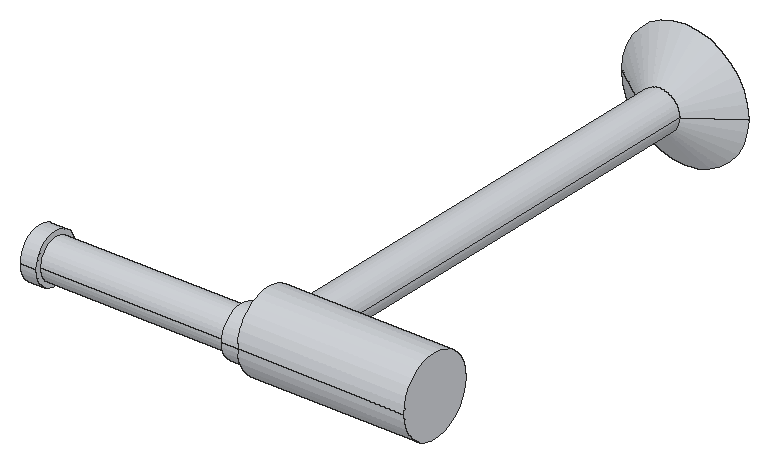
Revit family "Sifão do lavatório - Garrafa - Aço", category Conexões de tubo, Revit 2019
Family settings
  Cota do conector redondo = Usar raio
  Tipo de parte = Múltiplas portas
  Com base no plano de trabalho = Não
  Sempre na vertical = Sim
  Corte com vazios quando carregada = Não
  Compartilhado = Não
Parameters (values of type "25 mmx25 mm")
  Tamanho da marca de cota 2 = 0.4 * Diâmetro da saída  # 10 mm
  Tamanho da marca de cota 1 = 0.4 * Diâmetro da embocadura  # 10 mm
  Raio da saída = 12.5 mm
  Altura da saída = 314.5 mm
  Diâmetro da saída = Raio da saída * 2  # 25 mm
  Método de perda = Não definido
  Comprimento 1 = Raio da garrafa - Raio da porca de entrada  # 8.875 mm
  Raio da embocadura = 12.5 mm
  Raio da porca de entrada = Raio da embocadura * 1.25  # 15.625 mm
  Altura interna = 150 mm
  Diâmetro da embocadura = Raio da embocadura * 2  # 25 mm
  Comprimento 2 = if(Altura interna > 150 mm, 150 mm, if(Altura interna < 48 mm, 48 mm, Altura interna))  # 150 mm
  Raio da garrafa = Diâmetro da garrafa / 2  # 24.5 mm
  Altura da garrafa = 93 mm
  Diâmetro da garrafa = 49 mm
Types (4, lengths in mm): name | Tamanho da marca de cota 2 | Raio da saída | Diâmetro da saída
  (no name) | 10 | 12.5 | 25
  25 mmx32 mm | 12.8 | 16 | 32
  25 mmx25 mm | 10 | 12.5 | 25
  25 mmx40 mm | 16 | 20 | 40
Reference planes
  plane 1 "Centro (Frente/Trás)": y = 0
  plane 2: z = 0
  plane 3 "Centro (Esquerda/Direita)": x = 0
  plane 4 "Traseira do redutor": y = 323.375
  plane 5 "Frente do redutor": y = 303.375
  plane 6 "Face de entrada": x = -150
  plane 7: x = -140
  plane 8 "Parte inferior da garrafa": x = 93
  plane 9 "Topo da garrafa": x = -12.5
  plane 10: y = 8.875
  plane 11: x = -22.5
  plane 12 "Topo da marca": y = 5
  plane 13 "Inferior da marca": y = -5
  plane 14 "Esquerda da marca": x = -5
  plane 15 "Direita da marca": x = 5
Forms (mm)
  Extrusion 1, solid, detail levels fine
    sketch origin (0, 0, 0) x (0, 1, 0) y (0, 0, 1)
      loop
        circle (0, 0) r 12.5
    from 0 to -150
  Extrusion 2, solid, detail levels fine
    sketch origin (0, 0, 0) x (0, 1, 0) y (0, 0, 1)
      loop
        circle (0, 0) r 15.625
    from -150 to -140
  Extrusion 3, solid, detail levels fine
    sketch origin (0, 0, 0) x (0, 1, 0) y (0, 0, 1)
      loop
        circle (8.875, 0) r 24.5
    from -12.5 to 93
  Extrusion 4, solid, detail levels fine
    sketch origin (0, 0, 0) x (1, 0, 0) y (0, 0, 1)
      loop
        circle (0, 0) r 12.5
    from -323.375 to 0
  Blend 5, solid, detail levels fine
    base sketch origin (0, 0, 0) x (1, 0, 0) y (0, 0, 1)
      loop
        circle (0, 0) r 40
    top sketch origin (0, 0, 0) x (1, 0, 0) y (0, 0, 1)
      loop
        circle (0, 0) r 12.5
    from -323.375 to -303.375
  Extrusion 6, solid, detail levels fine
    sketch origin (80, 0, 0) x (0, 1, 0) y (0, 0, 1)
      loop
        circle (0, 0) r 15.625
    from -102.5 to -92.5
Cuts and joins
  joined: Extrusion 1, Extrusion 2, Extrusion 3, Extrusion 4, Blend 5, Extrusion 6
Lines and regions (mm)
  model lines, detail levels coarse+medium
    curve 1: line (-150, -5, 0) -> (-150, 5, 0)
    curve 2: line (-150, 0, 0) -> (0, 0, 0)
    curve 3: line (0, 0, 0) -> (0, 323.375, 0)
    curve 4: line (-5, 323.375, 0) -> (5, 323.375, 0)
Dimensions and locks
  locked: plane 4 "Traseira do redutor" to plane 5 "Frente do redutor" at 20
  "Comprimento 2": plane 6 "Face de entrada" to plane 3 "Centro (Esquerda/Direita)"
  locked: plane 6 "Face de entrada" to plane 7 at 10
  "Altura da garrafa": plane 3 "Centro (Esquerda/Direita)" to plane 8 "Parte inferior da garrafa"
  "Raio da saída": plane 9 "Topo da garrafa" to plane 3 "Centro (Esquerda/Direita)"
  "Comprimento 1": plane 10 to plane 1 "Centro (Frente/Trás)"
  "Altura da saída": plane 4 "Traseira do redutor" to plane 10
  locked: plane 11 to plane 9 "Topo da garrafa" at 10
  equal spacing: plane 12 "Topo da marca", plane 1 "Centro (Frente/Trás)", plane 13 "Inferior da marca"
  "Tamanho da marca de cota 1": plane 12 "Topo da marca" to plane 13 "Inferior da marca"
  equal spacing: plane 14 "Esquerda da marca", plane 3 "Centro (Esquerda/Direita)", plane 15 "Direita da marca"
  "Tamanho da marca de cota 2": plane 14 "Esquerda da marca" to plane 15 "Direita da marca"
  "Raio da embocadura": radius of Extrusion 1 sketch curve
  "Raio da porca de entrada": radius of Extrusion 2 sketch curve
  "Raio da garrafa": radius of Extrusion 3 sketch curve
  "Raio da saída": radius of Extrusion 4 sketch curve
  radius of Blend 5 sketch curve = 40 mm
  "Raio da saída": radius of Blend 5 sketch curve
  "Raio da porca de entrada": radius of Extrusion 6 sketch curve
  aligned and locked: level to plane 2
  aligned and locked: plane 1 "Centro (Frente/Trás)" to Extrusion 1 sketch curve
  aligned and locked: plane 2 to Extrusion 1 sketch curve
  aligned and locked: Extrusion 1 to plane 3 "Centro (Esquerda/Direita)"
  aligned and locked: Extrusion 1 to plane 6 "Face de entrada"
  aligned and locked: plane 2 to Extrusion 2 sketch curve
  aligned and locked: plane 1 "Centro (Frente/Trás)" to Extrusion 2 sketch curve
  aligned and locked: Extrusion 2 to plane 6 "Face de entrada"
  aligned and locked: plane 7 to Extrusion 2
  aligned and locked: plane 2 to Extrusion 3 sketch curve
  aligned and locked: plane 8 "Parte inferior da garrafa" to Extrusion 3
  aligned and locked: Extrusion 3 to plane 9 "Topo da garrafa"
  aligned and locked: plane 2 to Extrusion 4 sketch curve
  aligned and locked: plane 3 "Centro (Esquerda/Direita)" to Extrusion 4 sketch curve
  aligned and locked: plane 1 "Centro (Frente/Trás)" to Extrusion 4
  aligned and locked: plane 4 "Traseira do redutor" to Extrusion 4
  aligned and locked: plane 2 to Blend 5 sketch curve  (x2)
  aligned and locked: plane 3 "Centro (Esquerda/Direita)" to Blend 5 sketch curve  (x2)
  aligned and locked: plane 5 "Frente do redutor" to Blend 5
  aligned and locked: plane 4 "Traseira do redutor" to Blend 5
  aligned and locked: plane 10 to Extrusion 3 sketch curve
  aligned and locked: plane 9 "Topo da garrafa" to Extrusion 6
  aligned and locked: Extrusion 6 to plane 11
  aligned and locked: plane 6 "Face de entrada" to curve 1
  aligned and locked: plane 12 "Topo da marca" to curve 1
  aligned and locked: plane 13 "Inferior da marca" to curve 1
  aligned and locked: plane 6 "Face de entrada" to curve 2
  aligned and locked: plane 1 "Centro (Frente/Trás)" to curve 2
  aligned and locked: plane 3 "Centro (Esquerda/Direita)" to curve 3
  aligned and locked: plane 4 "Traseira do redutor" to curve 3
  aligned and locked: plane 14 "Esquerda da marca" to curve 4
  aligned and locked: curve 4 to plane 15 "Direita da marca"
  aligned and locked: curve 4 to plane 4 "Traseira do redutor"
  aligned and locked: plane 4 "Traseira do redutor" to cut or joined group of Extrusion 1, Extrusion 2, Extrusion 3, Extrusion 4, Blend 5, Extrusion 6
  aligned and locked: cut or joined group of Extrusion 1, Extrusion 2, Extrusion 3, Extrusion 4, Blend 5, Extrusion 6 to plane 6 "Face de entrada"
Automatic sketch dimensions
  Extrusion 6 sketch curve to level = 0 mm
  Extrusion 6 sketch curve to plane 1 "Centro (Frente/Trás)" = 0 mm
Connectors
  piping at (-150, 0, 0), diameter 25, driven by "Raio da embocadura"
    settings: on Extrusion 1, index 1, connector inside diameter 25 mm, connector length 0 mm, flow factor 0, pipe flow 0.0 L/s, pressure drop 0.0 Pa, fitting loss kfactor 0, connector angle 0.00°, fixture units 0, engagement length 0 mm, angle of deflection 0.00°, flow configuration 0, flow direction 0, fitting loss method 0, system type 28, joint type 0, gender type 0, connector reference index 2, connector utility 0, adjustable connector no, is connector primary yes, connector description ""
  piping at (0, 323.375, 0), diameter 25, driven by "Raio da saída"
    settings: on Extrusion 4, index 2, connector inside diameter 25 mm, connector length 0 mm, flow factor 0, pipe flow 0.0 L/s, pressure drop 0.0 Pa, fitting loss kfactor 0, connector angle 0.00°, fixture units 0, engagement length 0 mm, angle of deflection 0.00°, flow configuration 0, flow direction 0, fitting loss method 0, system type 28, joint type 0, gender type 0, connector reference index 1, connector utility 0, adjustable connector no, is connector primary no, connector description ""
